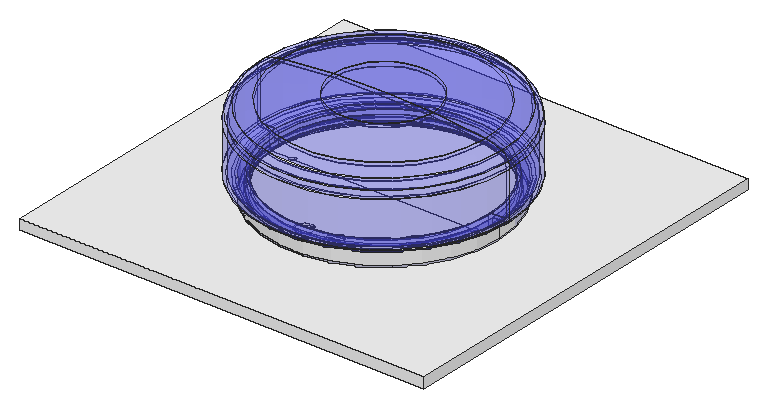
Revit family "BE_50029_de_DE", category Leuchten, Revit 2020
Family settings
  Basisbauteil = Fläche
  Bemaßung runder Anschluss = Durchmesser verwenden
  Teiletyp = Normal
  Beim Laden mit Abzugskörper schneiden = Ja
  Lichtquelle = Ja
  Gemeinsam genutzt = Nein
  Raumberechnungspunkt = Ja
Parameters (values of type "BEGA_50029_K3")
  built-in parameter 1150104 = 11.557 (stored number, unit not read)
  Wattage = 8.4 W
  Default Elevation = 0 mm
  built-in parameter 1150113 = 1 (stored number, unit not read)
  built-in parameter 1114218 = 1 (stored number, unit not read)
  Umgebungstemperatur = "25 °C"
  URL = "https://www.bega.com/de/produkt/50029"
  Typenkommentare = "© 2022 BEGA. Wir behalten uns das Recht vor, technische Änderungen ohne vorherige Ankündigung vorzunehmen."  # constant formula
  built-in parameter 1150134 = (empty or 0)
  built-in parameter 1150109 = 1 (stored number, unit not read)
  Strom = ""
  built-in parameter 1150110 = 1 (stored number, unit not read)
  Spannung = 239.996 V
  Sonderanfertigung = no
  Seriennummer [instance] = "Hier können Sie die eindeutige Seriennummer für das Facility Management eintragen."
  Schutzklasse = "I"
  Schutzart = "IP 20"
  Scheinlast = 0 VA
  Produktdatenblatt = "http://www.bega.de/download/Xrfa/db/50029.db.de.pdf"
  Oberflächentemperatur = ""
  Neigungswinkel = 0.00°
  Model = "50029K2"
  Material_17 = BEGA_Reflektor
  Material_15 = BEGA_Leuchtmedium_matt
  Material_11 = BEGA_Glas_opal
  Material_09 = BEGA_Glas_klar
  Material_06 = BEGA_Oberfläche_Edelstahl_gebürstet
  Material_03 = BEGA_Oberfläche_Weiss_matt
  Material_02 = BEGA_Oberfläche_Silber_matt
  Material_01 [instance] = BEGA_Oberfläche_Grafit_matt
  M_W = no
  M_G = no
  M_A = no
  Logo = 0
  built-in parameter 1114217 = 1 (stored number, unit not read)
  built-in parameter 1150139 = (empty or 0)
  built-in parameter 1150105 = 210.97 (stored number, unit not read)
  built-in parameter 1150114 = 1 (stored number, unit not read)
  Lumens = 1044.96 lm
  built-in parameter 1150115 = 1 (stored number, unit not read)
  Leuchtenlichtstrom = "581 lm"
  Leuchtenanzahl = ""
  Lebensdauerkriterien = "L70B50 @ 25 °C = 338000 h"
  Lastklassifizierung = Beleuchtung
  built-in parameter 1150112 = 1 (stored number, unit not read)
  Lampenlichtstrom = "1045 lm"
  Lamp = "LED 8.4 W"
  LED_Modulbezeichnung = "LED-0508/927"
  Hersteller = "BEGA"  # constant formula
  Halbstreuwinkel = ""
  Gewicht = "1.7 kg"
  Gebrauchslageneinschränkung [instance] = ""
  Frequenz = "50-60 Hz"
  Farbwiedergabeindex = "CRI > 90"
  Farbtemperaturverschiebung bei Dämpfen der Lampe = <Keine Auswahl>
  Farbtemperatur = "2700 K"
  Color Filter = 16777215
  built-in parameter 1150133 = 10 (stored number, unit not read)
  Energieeffizienzklasse = "LED A++ - A"
  built-in parameter 1150137 = (empty or 0)
  built-in parameter 1150132 = (empty or 0)
  ENEC = "ja"
  Dimmbar [instance] = ""
  Photometric Web File = "BE_50029K2.IES"
  CE_Konformität = "ja"
  Bestellnummer = "50029K2"
  Beschreibung_Sonderanfertigung = "Hier können Sie Informationen zur Sonderanfertigung eintragen."
  Beschreibung = "Decken- und Wandleuchte"
  built-in parameter 1150106 = 2.1097 (stored number, unit not read)
  Befestigungsbohrung = "Ø 5,5 mm"
  Befestigungsabstand = "180 mm"
  Ballwurfsicher = ""
  BEGA_Intern_aus = yes
  BEGA_Intern_an = yes
  BEGA_Intern_Konstruktion = yes
  BEGA_Intern = yes
  BEGA_IES = yes
  BEGA_Dummy = no
  Anschlussleitung = ""
  Anschlussleistung [instance] = "10.5 W"
  Anschlusskasten = ""
  built-in parameter 1150107 = 2700 (stored number, unit not read)
  built-in parameter 1150102 = (empty or 0)
  built-in parameter 1150138 = (empty or 0)
  Aktualisierung = "2020-05-11T04:00:10"
  Abstand_zur_angestrahlten_Fläche [instance] = ""
  AC/DC = "AC"
Types (3, lengths in mm): name | built-in parameter 1150104 | built-in parameter 1150134 | Model | built-in parameter 1150105 | Lumens | Leuchtenlichtstrom | Lampenlichtstrom | LED_Modulbezeichnung | Farbtemperatur | Photometric Web File | Bestellnummer | built-in parameter 1150106 | built-in parameter 1150107
  BEGA_50029_K3 | 11.762 (stored number, unit not read) | (empty or 0) | "50029K3" | 214.86 (stored number, unit not read) | 1063.44 lm | "671 lm" | "1205 lm" | "LED-0508/930" | "3000 K" | "BE_50029K3.IES" | "50029K3" | 2.1486 (stored number, unit not read) | 3000 (stored number, unit not read)
  BEGA_50029_K4 | 12.105 (stored number, unit not read) | 12 | "50029K4" | 87.099 (stored number, unit not read) | 1094.52 lm | "698 lm" | "1255 lm" | "LED-0508/940" | "4000 K" | "BE_50029K4.IES" | "50029K4" | 0.87099 (stored number, unit not read) | 4000 (stored number, unit not read)
  BEGA_50029_K27 | 12.105 (stored number, unit not read) | 12 | "50029K27" | 87.099 (stored number, unit not read) | 1094.52 lm | "648 lm" | "1165 lm" | "LED-0508/927" | "2700 K" | "BE_50029K27.IES" | "50029K27" | 0.87099 (stored number, unit not read) | 4000 (stored number, unit not read)
Reference planes
  plane 1 "Mitte (Vorne/Hinten)": y = 0
  plane 2: z = 0
  plane 3 "Mitte (Links/Rechts)": x = 0
  plane 4 "Links": x = -125
  plane 5 "Rechts": x = 125
  plane 6 "Unten": y = -125
  plane 7 "Oben": y = 125
  plane 8 "Vorne": z = 94.4
  plane 9 "Hinten": z = 0
Forms (mm)
  Extrusion 1, solid, material "BEGA_Platte_Weiss"
    sketch origin (0, -1119.2, 0) x (1, 0, 0) y (0, 1, 0)
      loop
        line (-200, 1319.2) -> (-200, 919.2) -> (200, 919.2) -> (200, 1319.2) -> (-200, 1319.2)
    from 0 to -10
  Extrusion 2, solid, material "BEGA_Dummy_matt", visible <- "BEGA_Dummy"
    sketch origin (77.149, -76.023, 0) x (1, 0, 0) y (0, 1, 0)
      loop
        circle (-77.149, 76.023) r 125
    from 0 to 94.4
Dimensions and locks
  plane 1 "Mitte (Vorne/Hinten)" to Extrusion 1 = 200 mm
  aligned and locked: plane 2 to Extrusion 1
  aligned and locked: level to Extrusion 1
Nested families
  nested 1: "BE_50029" at (0, 0, 0) x (0, -1, 0) z (0, 0, 1), type "BE_50029"
Connectors
  electrical at (0, 0, 0), driven by "Lastklassifizierung", driven by "Spannung", driven by "Scheinlast"
    settings: index 1, voltage 239.996 V, apparent load 0 VA, apparent load phase1 0 VA, apparent load phase2 0 VA, apparent load phase3 0 VA, power factor 1, load classification "Beleuchtung", number of poles 1, system type 31, power factor state 1, is connector primary yes, connector utility no, sub classification motor no, connector description ""
Definition of nested family "BE_50029"
  Parameters (values of type "BE_50029")
    Default Elevation = 1 mm
    URL = "http://www.bega.de/de/produkt"
    Type Comments = "© 2015 BEGA. Wir behalten uns das Recht vor, technische Änderungen ohne vorherige Ankündigung vorzunehmen. "  # constant formula
    Type Image = (empty or 0)
    Neigungswinkel_um_Z2 = 0.00°
    Neigungswinkel_um_Z1 = 0.00°
    Neigungswinkel_um_Y2 = 0.00°
    Neigungswinkel_um_Y1 = 0.00°
    Neigungswinkel_um_X2 = 0.00°
    Neigungswinkel_um_X1 = 0.00°
    Material_17 = none
    Material_15 = none
    Material_11 = none
    Material_09 = none
    Material_06 = none
    Material_05 = none
    Material_03 = none
    Material_02 = none
    Material_01 = none
    M_W = yes
    M_G = yes
    M_A = yes
    Länge_Platte = 400 mm  # constant formula
    Höhe_Platte = -10 mm  # constant formula
    Manufacturer = "BEGA"  # constant formula
    Drehwinkel_um_Z2 = 0.00°
    Drehwinkel_um_Z1 = 0.00°
    Breite_Platte = 400 mm  # constant formula
  Reference planes
    plane 1 "Mitte (Oben/Unten)": y = 0
    plane 2: z = 0
    plane 3 "Mitte (Links/Rechts)": x = 0
    plane 4: y = 125
    plane 5: y = -125
    plane 6: z = 94.4
    plane 7: x = -125
    plane 8: x = 125
  Forms (mm)
    Extrusion 1, solid, detail levels medium
      sketch origin (0, 0, 0) x (1, 0, 0) y (0, 1, 0)
        loop
          line (-200, 200) -> (-200, -200) -> (200, -200) -> (200, 200) -> (-200, 200)
      from 0 to -10 <- "Höhe_Platte"
    Revolve 2, solid, material <- "Material_03", detail levels medium+fine
      sketch origin (0, 0, 0) x (0, 1, 0) y (0, 0, 1)
        loop
          line (117.5, 19.8) -> (117.5, 20.8) -> (115.331, 20.8)
          arc (115.331, 20.8) -> (114.063, 20.284) -> (113.524, 19.025) r 1.8
          line (113.524, 19.025) -> (113.276, 4.767)
          arc (113.276, 4.767) -> (112.825, 3.728) -> (111.776, 3.3) r 1.5
          line (111.776, 3.3) -> (0, 3.3) -> (0, 2.3) -> (111.776, 2.3)
          arc (111.776, 2.3) -> (113.525, 3.014) -> (114.275, 4.748) r 2.5
          line (114.275, 4.748) -> (114.524, 19.01)
          arc (114.524, 19.01) -> (114.764, 19.571) -> (115.329, 19.8) r 0.8
          line (115.329, 19.8) -> (117.5, 19.8)
        axis (0, 2.3) -> (0, 20.8)
      angle from 0 to 360
    Revolve 3, solid, material <- "Material_03", detail levels medium+fine
      sketch origin (0, 0, 0) x (0, 1, 0) y (0, 0, 1)
        loop
          arc (99.13, 1.943) -> (99.474, 2.206) -> (99.896, 2.3) r 1
          line (99.896, 2.3) -> (100.896, 3.3) -> (92.75, 3.3) -> (92.75, 0) -> (96.108, 0)
          arc (96.108, 0) -> (97.369, 0.281) -> (98.395, 1.067) r 3
          line (98.395, 1.067) -> (99.13, 1.943)
        axis (90, 3.3) -> (90, 0)
      angle from 0 to 360
    Revolve 4, solid, material <- "Material_03", detail levels medium+fine
      sketch origin (0, 0, 0) x (0, -1, 0) y (0, 0, 1)
        loop
          arc (99.13, 1.943) -> (99.474, 2.206) -> (99.896, 2.3) r 1
          line (99.896, 2.3) -> (100.896, 3.3) -> (92.75, 3.3) -> (92.75, 0) -> (96.108, 0)
          arc (96.108, 0) -> (97.369, 0.281) -> (98.395, 1.067) r 3
          line (98.395, 1.067) -> (99.13, 1.943)
        axis (90, 3.3) -> (90, 0)
      angle from 0 to 360
    Extrusion 5, void
      sketch origin (0, 0, 0) x (1, 0, 0) y (0, 1, 0)
        loop
          circle (80, 15) r 8.5
        loop
          circle (80, -15) r 8.5
        loop
          circle (0, 90) r 2.75
        loop
          circle (0, -90) r 2.75
      from 1.096 to 7.205
    Revolve 6, solid, material <- "Material_11", detail levels medium+fine
      sketch origin (0, 0, 0) x (0, 1, 0) y (0, 0, 1)
        loop
          line (107.5, 12.214) -> (107.5, 20.4) -> (122.157, 21.168)
          arc (122.157, 21.168) -> (124.176, 22.099) -> (125, 24.164) r 3
          line (125, 24.164) -> (125, 69.391)
          arc (125, 69.391) -> (124.681, 72.948) -> (123.735, 76.391) r 20
          arc (123.735, 76.391) -> (121.144, 80.63) -> (117.158, 83.582) r 13
          arc (117.158, 83.582) -> (109.272, 86.676) -> (101.03, 88.629) r 60
          arc (101.03, 88.629) -> (75.117, 91.988) -> (49.04, 93.648) r 400
          arc (49.04, 93.648) -> (24.523, 94.212) -> (0, 94.4) r 1600.011
          line (0, 94.4) -> (0, 90.6)
          arc (0, 90.6) -> (24.398, 90.414) -> (48.79, 89.854) r 1596.211
          arc (48.79, 89.854) -> (74.692, 88.212) -> (100.431, 84.877) r 396.2
          arc (100.431, 84.877) -> (108.139, 83.049) -> (115.512, 80.156) r 56.2
          arc (115.512, 80.156) -> (118.33, 78.076) -> (120.166, 75.094) r 9.2
          arc (120.166, 75.094) -> (120.94, 72.293) -> (121.2, 69.4) r 16.2
          line (121.2, 69.4) -> (121.2, 24.923) -> (106.543, 24.155)
          arc (106.543, 24.155) -> (104.524, 23.224) -> (103.7, 21.159) r 3
          line (103.7, 21.159) -> (103.7, 16.4) -> (103.7, 11.174)
          arc (103.7, 11.174) -> (104.099, 9.678) -> (105.19, 8.579) r 3.003
          line (105.19, 8.579) -> (106.963, 7.556)
          arc (106.963, 7.556) -> (108.068, 6.43) -> (108.449, 4.9) r 3.003
          line (108.449, 4.9) -> (112.25, 4.9) -> (112.25, 8.894) -> (107.997, 11.349)
          arc (107.997, 11.349) -> (107.633, 11.715) -> (107.5, 12.214) r 1.001
        axis (0, 94.4) -> (0, 4.9)
      angle from 0 to 360
  Cuts and joins
    Extrusion 5 cuts Revolve 2
    Extrusion 5 cuts Revolve 3
    Extrusion 5 cuts Revolve 4
    joined: Revolve 2, Revolve 3, Revolve 4
  Dimensions and locks
    equal spacing: Extrusion 1 sketch curve, plane 3 "Mitte (Links/Rechts)", Extrusion 1 sketch curve
    equal spacing: Extrusion 1 sketch curve, plane 1 "Mitte (Oben/Unten)", Extrusion 1 sketch curve
    "Länge_Platte": Extrusion 1 sketch curve to Extrusion 1 sketch curve
    "Breite_Platte": Extrusion 1 sketch curve to Extrusion 1 sketch curve
    aligned and locked: plane 2 to Extrusion 1
    aligned and locked: level to Extrusion 1
  Automatic sketch dimensions
    Revolve 2 sketch curve to Revolve 2 sketch curve = 0 mm  (x11)
    Revolve 2 sketch curve to plane 1 "Mitte (Oben/Unten)" = 0 mm  (x2)
    Revolve 2 sketch curve to Revolve 2 sketch curve = 1.5 mm
    Revolve 2 sketch curve to Revolve 2 sketch curve = 1 mm  (x3)
    Revolve 2 sketch curve to Revolve 2 sketch curve = 0.8 mm
    Revolve 2 sketch curve to Revolve 2 sketch curve = 0.004 mm
    Revolve 2 sketch curve to Revolve 2 sketch curve = 0.002 mm
    Revolve 2 sketch curve to Revolve 2 sketch curve = 2.169 mm
    level to Revolve 2 sketch curve = 2.3 mm
    Revolve 2 sketch curve to Revolve 2 sketch curve = 1.448 mm
    Revolve 2 sketch curve to Revolve 2 sketch curve = 0.02 mm
    Revolve 2 sketch curve to Revolve 2 sketch curve = 0.033 mm
    Revolve 2 sketch curve to Revolve 2 sketch curve = 14.252 mm
    Revolve 2 sketch curve to Revolve 2 sketch curve = 0.01 mm
    Revolve 2 sketch curve to Revolve 2 sketch curve = 0.015 mm
    Revolve 2 sketch curve to Revolve 2 sketch curve = 4 mm
    Revolve 3 sketch curve to level = 0 mm
    level to Revolve 3 sketch curve = 3.3 mm
    Revolve 3 sketch curve to Revolve 3 sketch curve = 3.351 mm
    Revolve 3 sketch curve to Revolve 3 sketch curve = 0.007 mm
    level to Revolve 3 sketch curve = 1.067 mm
    Revolve 3 sketch curve to Revolve 3 sketch curve = 2.287 mm
    level to Revolve 3 sketch curve = 2.3 mm
    Revolve 3 sketch curve to Revolve 3 sketch curve = 1.501 mm
    Revolve 3 sketch curve to Revolve 3 sketch curve = 0 mm  (x2)
    Revolve 3 sketch curve to Revolve 3 sketch curve = 1 mm  (x2)
    Revolve 3 sketch curve to Revolve 3 sketch curve = 2.75 mm
    level to Revolve 3 sketch curve = 1.943 mm
    Revolve 3 sketch curve to Revolve 3 sketch curve = 0.766 mm
    Revolve 3 sketch curve to level = 2.001 mm
    Revolve 3 sketch curve to Revolve 3 sketch curve = 2 mm
    Revolve 4 sketch curve to level = 0 mm
    Revolve 4 sketch curve to level = 3.3 mm
    Revolve 4 sketch curve to Revolve 4 sketch curve = 3.351 mm
    Revolve 4 sketch curve to Revolve 4 sketch curve = 0.007 mm
    Revolve 4 sketch curve to level = 1.067 mm
    Revolve 4 sketch curve to Revolve 4 sketch curve = 2.287 mm
    Revolve 4 sketch curve to level = 2.3 mm
    Revolve 4 sketch curve to Revolve 4 sketch curve = 1.501 mm
    Revolve 4 sketch curve to Revolve 4 sketch curve = 0 mm  (x2)
    Revolve 4 sketch curve to Revolve 4 sketch curve = 1 mm  (x2)
    Revolve 4 sketch curve to Revolve 4 sketch curve = 2.75 mm
    Revolve 4 sketch curve to level = 1.943 mm
    Revolve 4 sketch curve to Revolve 4 sketch curve = 0.766 mm
    level to Revolve 4 sketch curve = 2.001 mm
    Revolve 4 sketch curve to Revolve 4 sketch curve = 2 mm
    Revolve 6 sketch curve to Revolve 6 sketch curve = 1.49 mm
    Revolve 6 sketch curve to Revolve 6 sketch curve = 0.257 mm
    Revolve 6 sketch curve to Revolve 6 sketch curve = 1.513 mm
    level to Revolve 6 sketch curve = 7.556 mm
    Revolve 6 sketch curve to Revolve 6 sketch curve = 1.773 mm
    Revolve 6 sketch curve to Revolve 6 sketch curve = 3.8 mm  (x2)
    Revolve 6 sketch curve to Revolve 6 sketch curve = 0.497 mm
    Revolve 6 sketch curve to Revolve 6 sketch curve = 3.002 mm
    Revolve 6 sketch curve to Revolve 6 sketch curve = 0.504 mm
    Revolve 6 sketch curve to Revolve 6 sketch curve = 3.801 mm
    Revolve 6 sketch curve to Revolve 6 sketch curve = 2.592 mm
    Revolve 6 sketch curve to Revolve 6 sketch curve = 1.024 mm
    Revolve 6 sketch curve to Revolve 6 sketch curve = 3.994 mm
    Revolve 6 sketch curve to Revolve 6 sketch curve = 2.594 mm
    Revolve 6 sketch curve to Revolve 6 sketch curve = 0.176 mm
    Revolve 6 sketch curve to Revolve 6 sketch curve = 0.865 mm
    Revolve 6 sketch curve to Revolve 6 sketch curve = 4.186 mm
    Revolve 6 sketch curve to Revolve 6 sketch curve = 0 mm  (x24)
    Revolve 6 sketch curve to Revolve 6 sketch curve = 4.759 mm
    level to Revolve 6 sketch curve = 40.4 mm
    Revolve 2 sketch curve to plane 1 "Mitte (Oben/Unten)" = 111.776 mm
    Revolve 2 sketch curve to Revolve 2 sketch curve = 0.249 mm
    Revolve 3 sketch curve to plane 1 "Mitte (Oben/Unten)" = 92.75 mm
    Revolve 4 sketch curve to plane 1 "Mitte (Oben/Unten)" = 92.75 mm
    Extrusion 5 sketch curve to plane 3 "Mitte (Links/Rechts)" = 0 mm  (x2)
    plane 1 "Mitte (Oben/Unten)" to Extrusion 5 sketch curve = 15 mm
    Extrusion 5 sketch curve to plane 1 "Mitte (Oben/Unten)" = 15 mm
    Extrusion 5 sketch curve to Extrusion 5 sketch curve = 0 mm
    Revolve 6 sketch curve to Revolve 6 sketch curve = 0.157 mm  (x2)
    Revolve 6 sketch curve to Revolve 6 sketch curve = 16.2 mm
    Revolve 6 sketch curve to Revolve 6 sketch curve = 6.557 mm
    Revolve 6 sketch curve to Revolve 6 sketch curve = 0.009 mm  (x3)
    Revolve 6 sketch curve to Revolve 6 sketch curve = 2.45 mm
    Revolve 6 sketch curve to Revolve 6 sketch curve = 3.955 mm
    Revolve 6 sketch curve to Revolve 6 sketch curve = 1.645 mm
    Revolve 6 sketch curve to Revolve 6 sketch curve = 1.034 mm
    Revolve 6 sketch curve to Revolve 6 sketch curve = 45.227 mm
    Revolve 6 sketch curve to Revolve 6 sketch curve = 12.348 mm
    Revolve 6 sketch curve to Revolve 6 sketch curve = 8.256 mm
    Revolve 6 sketch curve to Revolve 6 sketch curve = 15.081 mm
    Revolve 6 sketch curve to plane 1 "Mitte (Oben/Unten)" = 36.68 mm
    Revolve 6 sketch curve to level = 306.161 mm
    plane 1 "Mitte (Oben/Unten)" to Revolve 6 sketch curve = 0 mm  (x2)
    Revolve 6 sketch curve to Revolve 6 sketch curve = 1199.45 mm
    Revolve 6 sketch curve to plane 1 "Mitte (Oben/Unten)" = 0 mm  (x2)
    Revolve 6 sketch curve to Revolve 6 sketch curve = 33.648 mm
    Revolve 6 sketch curve to Revolve 6 sketch curve = 20 mm
    Revolve 6 sketch curve to Revolve 6 sketch curve = 0.8 mm  (x2)
    Revolve 6 sketch curve to Revolve 6 sketch curve = 0.759 mm  (x2)
    Extrusion 5 sketch curve to plane 1 "Mitte (Oben/Unten)" = 90 mm
    Revolve 6 sketch curve to plane 1 "Mitte (Oben/Unten)" = 91.352 mm
    Revolve 6 sketch curve to Revolve 6 sketch curve = 13.648 mm
    Revolve 6 sketch curve to Revolve 6 sketch curve = 0.25 mm
    plane 1 "Mitte (Oben/Unten)" to Extrusion 5 sketch curve = 90 mm
    Revolve 6 sketch curve to Revolve 6 sketch curve = 3.764 mm
    Revolve 6 sketch curve to Revolve 6 sketch curve = 50.2 mm
    Revolve 6 sketch curve to plane 1 "Mitte (Oben/Unten)" = 48.79 mm
    Revolve 6 sketch curve to Revolve 6 sketch curve = 0.599 mm
    Revolve 6 sketch curve to Revolve 6 sketch curve = 0.2 mm
    plane 3 "Mitte (Links/Rechts)" to Extrusion 5 sketch curve = 80 mm
    radius of Extrusion 5 sketch curve = 8.5 mm  (x2)
    radius of Extrusion 5 sketch curve = 2.75 mm  (x2)
